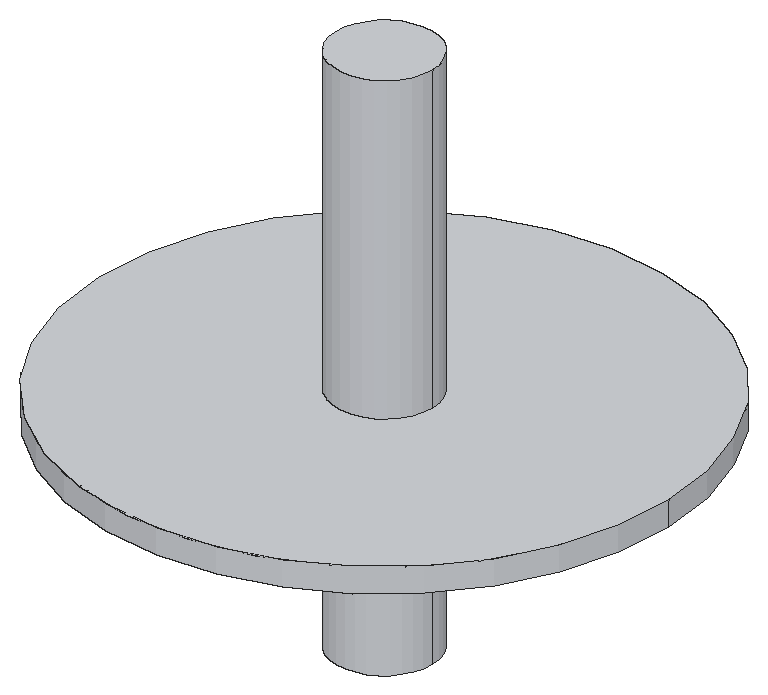
Revit family "1e809d7be7e441c8bc920787a767574a", category Sprinklers, host Face, Revit 2021
Family settings
  Host = Face
  Maintain Annotation Orientation = Yes
  Round Connector Dimension = Use Radius
  Part Type = Normal
  OmniClass Number = 23.65.70.17.11.24
  OmniClass Title = Fire Fighting Sprinkler Heads
  Seek Item ID = Sprinkler - Horizontal Sidewall - Semi-Recessed - Hosted-0000-USA-ENU
  Cut with Voids When Loaded = No
  Shared = No
  Room Calculation Point = No
Parameters (values of type "1/2" Horizontal Sidewall")
  Temperature Rating = 135 °F
  Response = Standard
  Pressure Drop [instance] = 7.00 psi
  Pressure Class = Standard
  Orifice Size = 1/2"
  Orifice = Standard
  K-Factor = 5.6
  Flow [instance] = 30 GPM
  Escutcheon Diameter = 2 15/16"
  Coverage = Standard
  Nominal Diameter = Nominal Radius * 2  # 1/2"
  Nominal Radius = 1/4"
  Escutcheon Radius = 0.5 * Escutcheon Diameter  # 1 15/32"
  Protrusion = 1 11/16"
  Overall Length = 3"
  Escutcheon Thickness = 1/8"
  Default Elevation = 8' - 0"
  CEL = 1/4"
  Assembly Code = ""
Types (2): name | Pressure Drop | Orifice Size | K-Factor | Flow | Nominal Diameter | Nominal Radius | Protrusion | Overall Length | CEL
  1/2" Horizontal Sidewall | 7.00 psi | 1/2" | 5.6 | 30 GPM | 1/2" | 1/4" | 1 11/16" | 3" | 1/4"
  3/4" Horizontal Sidewall | 14.00 psi | 17/32" | 8 | 43 GPM | 3/4" | 3/8" | 1 5/8" | 2 15/16" | 3/8"
Reference planes (in)
  plane 1 "Center (Front/Back)": y = 0
  plane 2: z = 0
  plane 3 "Center (Left/Right)": x = 0
  plane 4: z = -1.3125
  plane 5: z = 0.125
  plane 6: z = 1.6875
  plane 7: z = -1.0625
Forms (in)
  Extrusion 1, solid
    sketch origin (0, 0, 0) x (1, 0, 0) y (0, 1, 0)
      loop
        circle (0, 0) r 0.25
    from -1.0625 to 1.6875
  Extrusion 2, solid
    sketch origin (0, 0, 0) x (1, 0, 0) y (0, 1, 0)
      loop
        circle (0, 0) r 1.46875
    from 0 to 0.125
Cuts and joins
  joined: Extrusion 1, Extrusion 2
Dimensions and locks (in)
  "Escutcheon Thickness": plane 5 to level
  "Protrusion": plane 6 to level
  "Overall Length": plane 6 to plane 4
  "CEL": plane 7 to plane 4
  "Nominal Radius": radius of Extrusion 1 sketch curve
  "Escutcheon Radius": radius of Extrusion 2 sketch curve
  aligned and locked: plane 2 to host face
  aligned and locked: level to host face
  aligned and locked: Extrusion 2 to level
  aligned and locked: plane 5 to Extrusion 2
  aligned and locked: plane 6 to Extrusion 1
  aligned and locked: Extrusion 1 to plane 7
Automatic sketch dimensions
  Extrusion 1 sketch curve to plane 1 "Center (Front/Back)" = 0' - 0"
  Extrusion 1 sketch curve to plane 3 "Center (Left/Right)" = 0' - 0"
  Extrusion 2 sketch curve to plane 1 "Center (Front/Back)" = 0' - 0"
  Extrusion 2 sketch curve to plane 3 "Center (Left/Right)" = 0' - 0"
  host sketch curve to host sketch curve = 8' - 0"  (x2)
Nested families (in)
  nested 1: "Sprinkler - Symbol - Horizontal Sidewall" at (0, 0, 0), type "Sprinkler - Symbol - Horizontal Sidewall"
Connectors (in)
  piping at (0, 0, -1.0625), diameter 0.5, driven by "Nominal Radius", driven by "Flow", driven by "Pressure Drop"
    settings: on cut or joined group of Extrusion 1, Extrusion 2, index 1, connector inside diameter 1/2", connector length 0' - 0", flow factor 0, pipe flow 30 GPM, pressure drop 7.00 psi, fitting loss kfactor 0, connector angle 0.00°, fixture units 0, engagement length 0' - 0", angle of deflection 0.00°, flow configuration 1, flow direction 1, fitting loss method 4, system type 23, joint type 0, gender type 0, connector reference index -1, connector utility 0, adjustable connector no, is connector primary yes, connector description "In"
Definition of nested family "Sprinkler - Symbol - Horizontal Sidewall"
  Parameters
    Symbol Width = Symbol Depth  # 1/16"
    Symbol Half Width = 0.5 * Symbol Width  # 1/32"
    Symbol Depth = 1/16"
  Reference planes (in)
    plane 1: y = 0
    plane 2: x = 0
  Lines and regions (in)
    reference lines
      curve 1: line (-0.03125, 0, 0) -> (-0.03125, 0.0625, 0)
      curve 2: line (-0.03125, 0.0625, 0) -> (0.03125, 0.0625, 0)
      curve 3: line (0.03125, 0.0625, 0) -> (0.03125, 0, 0)
      curve 4: line (-0.03125, 0.0625, 0) -> (0, 0, 0)
      curve 5: line (0, 0, 0) -> (0.03125, 0.0625, 0)
    detail lines
      curve 6: line (-0.03125, 0.0625, 0) -> (0.03125, 0.0625, 0)
      curve 7: line (0.03125, 0.0625, 0) -> (0, 0, 0)
      curve 8: line (-0.03125, 0.0625, 0) -> (0, 0, 0)
  Dimensions and locks (in)
    equal spacing: curve 1, plane 2, curve 3
    "Symbol Depth": plane 1 to curve 2
    "Symbol Half Width": curve 1 to plane 2
    aligned and locked: plane 1 to curve 1
    aligned and locked: curve 6 to curve 2
    aligned and locked: curve 1 to curve 6
    aligned and locked: curve 6 to curve 3
    aligned and locked: curve 7 to curve 5
    aligned and locked: curve 2 to curve 7
    aligned and locked: plane 1 to curve 7
  Automatic sketch dimensions
    curve 5 to plane 1 = 0' - 0"
    curve 4 to plane 2 = 0' - 0"
    curve 3 to plane 1 = 0' - 0"
